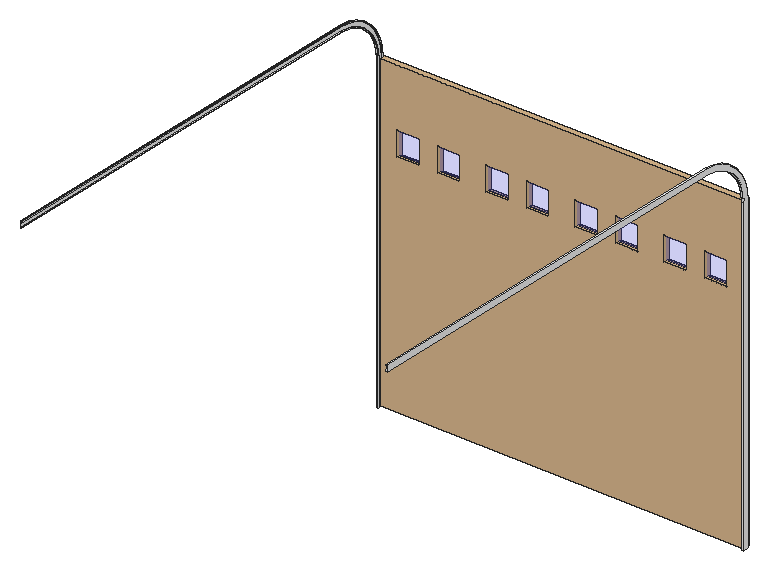
Revit family
Parameters (values of type "7Ft H x 8Ft W")
  Track Width = Width + 0' 2"  # 8' - 2"
  Track Height = Height + 1' 0"  # 8' - 0"
  Track Depth = 10' - 0"
  Track = Metal
  SmartBIM Object Version = 1  # constant formula
  SmartBIM Object Created By = "Reed Construction Data"  # constant formula
  Panel Thickness = 0' - 1 1/2"
  Manufacturer = ""
  Height = 7' - 0"
  Wall Closure = (empty or 0)
  Width = 8' - 0"
  Door Glass = Glass
  Door = Wood
  95 CSI = "08360"  # constant formula
  04 CSI = "08 36 13"  # constant formula
Reference planes (in)
  plane 1 "Center (Front/Back)": y = 0
  plane 2 "Center (Left/Right)": x = 0
  plane 3 "Left": x = -48
  plane 4 "Right": x = 48
  plane 5 "Top": z = 84
  plane 6: x = -49
  plane 7: x = 49
  plane 8: y = -3.25
  plane 9: z = 59.75
  plane 10: z = 15.75
  plane 11: x = 24
  plane 12: x = -24
  plane 13: y = -2.5
  plane 14: y = -2.5
  plane 15 "Ext": y = -3.25
  plane 16: y = -2.5
  plane 17 "Int": y = -1.75
  plane 18: x = -36
  plane 19: x = -12
  plane 20: x = 12
  plane 21: x = 36
  plane 22: z = 73.75
  plane 23: z = 70.25
  plane 24: z = 5.25
  plane 25: z = 26.25
  plane 26: z = 36.75
  plane 27: z = 47.25
  plane 28: z = 57.75
  plane 29: z = 10.5
  plane 30: z = 15.75
  plane 31: z = 52.5
  plane 32: z = 72.25
  plane 33: z = 0
  plane 34: z = 42
  plane 35: z = 21
  plane 36: z = 31.5
  plane 37: z = 82
  plane 38: z = 81
  plane 39: z = 73.25
Forms (in)
  Extrusion 1, solid, material "Wood" <- "Door"
    sketch origin (0, 0, 0) x (1, 0, 0) y (0, 0, 1)
      loop
        line (-49, 84) -> (-49, 0) -> (49, 0) -> (49, 84) -> (-49, 84)
      loop
        line (44.5, 68.25) -> (38.5, 68.25) -> (38.5, 61.75) -> (44.5, 61.75) -> (44.5, 68.25)
      loop
        line (33.5, 68.25) -> (27.5, 68.25) -> (27.5, 61.75) -> (33.5, 61.75) -> (33.5, 68.25)
      loop
        line (20.5, 68.25) -> (14.5, 68.25) -> (14.5, 61.75) -> (20.5, 61.75) -> (20.5, 68.25)
      loop
        line (9.5, 68.25) -> (3.5, 68.25) -> (3.5, 61.75) -> (9.5, 61.75) -> (9.5, 68.25)
      loop
        line (-3.5, 68.25) -> (-9.5, 68.25) -> (-9.5, 61.75) -> (-3.5, 61.75) -> (-3.5, 68.25)
      loop
        line (-14.5, 68.25) -> (-20.5, 68.25) -> (-20.5, 61.75) -> (-14.5, 61.75) -> (-14.5, 68.25)
      loop
        line (-27.5, 68.25) -> (-33.5, 68.25) -> (-33.5, 61.75) -> (-27.5, 61.75) -> (-27.5, 68.25)
      loop
        line (-38.5, 68.25) -> (-44.5, 68.25) -> (-44.5, 61.75) -> (-38.5, 61.75) -> (-38.5, 68.25)
    from 1.75 to 3.25
  Extrusion 2, solid, material "Glass" <- "Door Glass"
    sketch origin (0, 0, 0) x (1, 0, 0) y (0, 0, 1)
      loop
        line (44.5, 68.25) -> (38.5, 68.25) -> (38.5, 61.75) -> (44.5, 61.75) -> (44.5, 68.25)
      loop
        line (33.5, 68.25) -> (27.5, 68.25) -> (27.5, 61.75) -> (33.5, 61.75) -> (33.5, 68.25)
      loop
        line (20.5, 68.25) -> (14.5, 68.25) -> (14.5, 61.75) -> (20.5, 61.75) -> (20.5, 68.25)
      loop
        line (9.5, 68.25) -> (3.5, 68.25) -> (3.5, 61.75) -> (9.5, 61.75) -> (9.5, 68.25)
      loop
        line (-3.5, 68.25) -> (-9.5, 68.25) -> (-9.5, 61.75) -> (-3.5, 61.75) -> (-3.5, 68.25)
      loop
        line (-14.5, 68.25) -> (-20.5, 68.25) -> (-20.5, 61.75) -> (-14.5, 61.75) -> (-14.5, 68.25)
      loop
        line (-27.5, 68.25) -> (-33.5, 68.25) -> (-33.5, 61.75) -> (-27.5, 61.75) -> (-27.5, 68.25)
      loop
        line (-38.5, 68.25) -> (-44.5, 68.25) -> (-44.5, 61.75) -> (-38.5, 61.75) -> (-38.5, 68.25)
    from 2.375 to 2.625
Lines and regions (in)
  Opening 1
    outline origin (-90, -1.75, 0) x (1, 0, 0) y (0, 0, 1)
      loop
        line (42, 0) -> (138, 0) -> (138, 84) -> (42, 84) -> (42, 0)
  model lines
    curve 1: line (25.5, -1.75, 57.75) -> (25.5, -1.75, 47.25)
    curve 2: line (25.5, -1.75, 47.25) -> (46.5, -1.75, 47.25)
    curve 3: line (46.5, -1.75, 47.25) -> (46.5, -1.75, 57.75)
    curve 4: line (46.5, -1.75, 57.75) -> (25.5, -1.75, 57.75)
    curve 5: line (45, -1.75, 56.25) -> (27, -1.75, 56.25)
    curve 6: line (27, -1.75, 56.25) -> (27, -1.75, 48.75)
    curve 7: line (27, -1.75, 48.75) -> (45, -1.75, 48.75)
    curve 8: line (45, -1.75, 48.75) -> (45, -1.75, 56.25)
    curve 9: line (1.5, -1.75, 57.75) -> (1.5, -1.75, 47.25)
    curve 10: line (1.5, -1.75, 47.25) -> (22.5, -1.75, 47.25)
    curve 11: line (22.5, -1.75, 47.25) -> (22.5, -1.75, 57.75)
    curve 12: line (22.5, -1.75, 57.75) -> (1.5, -1.75, 57.75)
    curve 13: line (21, -1.75, 56.25) -> (3, -1.75, 56.25)
    curve 14: line (3, -1.75, 56.25) -> (3, -1.75, 48.75)
    curve 15: line (3, -1.75, 48.75) -> (21, -1.75, 48.75)
    curve 16: line (21, -1.75, 48.75) -> (21, -1.75, 56.25)
    curve 17: line (-1.5, -1.75, 57.75) -> (-1.5, -1.75, 47.25)
    curve 18: line (-1.5, -1.75, 47.25) -> (-22.5, -1.75, 47.25)
    curve 19: line (-22.5, -1.75, 47.25) -> (-22.5, -1.75, 57.75)
    curve 20: line (-22.5, -1.75, 57.75) -> (-1.5, -1.75, 57.75)
    curve 21: line (-21, -1.75, 56.25) -> (-3, -1.75, 56.25)
    curve 22: line (-3, -1.75, 56.25) -> (-3, -1.75, 48.75)
    curve 23: line (-3, -1.75, 48.75) -> (-21, -1.75, 48.75)
    curve 24: line (-21, -1.75, 48.75) -> (-21, -1.75, 56.25)
    curve 25: line (-46.5, -1.75, 57.75) -> (-46.5, -1.75, 47.25)
    curve 26: line (-46.5, -1.75, 47.25) -> (-25.5, -1.75, 47.25)
    curve 27: line (-25.5, -1.75, 47.25) -> (-25.5, -1.75, 57.75)
    curve 28: line (-25.5, -1.75, 57.75) -> (-46.5, -1.75, 57.75)
    curve 29: line (-27, -1.75, 56.25) -> (-45, -1.75, 56.25)
    curve 30: line (-45, -1.75, 56.25) -> (-45, -1.75, 48.75)
    curve 31: line (-45, -1.75, 48.75) -> (-27, -1.75, 48.75)
    curve 32: line (-27, -1.75, 48.75) -> (-27, -1.75, 56.25)
    curve 33: line (-46.5, -1.75, 36.75) -> (-46.5, -1.75, 26.25)
    curve 34: line (-46.5, -1.75, 26.25) -> (-25.5, -1.75, 26.25)
    curve 35: line (-25.5, -1.75, 26.25) -> (-25.5, -1.75, 36.75)
    curve 36: line (-25.5, -1.75, 36.75) -> (-46.5, -1.75, 36.75)
    curve 37: line (-27, -1.75, 35.25) -> (-45, -1.75, 35.25)
    curve 38: line (-45, -1.75, 35.25) -> (-45, -1.75, 27.75)
    curve 39: line (-45, -1.75, 27.75) -> (-27, -1.75, 27.75)
    curve 40: line (-27, -1.75, 27.75) -> (-27, -1.75, 35.25)
    curve 41: line (-22.5, -1.75, 36.75) -> (-22.5, -1.75, 26.25)
    curve 42: line (-22.5, -1.75, 26.25) -> (-1.5, -1.75, 26.25)
    curve 43: line (-1.5, -1.75, 26.25) -> (-1.5, -1.75, 36.75)
    curve 44: line (-1.5, -1.75, 36.75) -> (-22.5, -1.75, 36.75)
    curve 45: line (-3, -1.75, 35.25) -> (-21, -1.75, 35.25)
    curve 46: line (-21, -1.75, 35.25) -> (-21, -1.75, 27.75)
    curve 47: line (-21, -1.75, 27.75) -> (-3, -1.75, 27.75)
    curve 48: line (-3, -1.75, 27.75) -> (-3, -1.75, 35.25)
    curve 49: line (22.5, -1.75, 36.75) -> (22.5, -1.75, 26.25)
    curve 50: line (22.5, -1.75, 26.25) -> (1.5, -1.75, 26.25)
    curve 51: line (1.5, -1.75, 26.25) -> (1.5, -1.75, 36.75)
    curve 52: line (1.5, -1.75, 36.75) -> (22.5, -1.75, 36.75)
    curve 53: line (3, -1.75, 35.25) -> (21, -1.75, 35.25)
    curve 54: line (21, -1.75, 35.25) -> (21, -1.75, 27.75)
    curve 55: line (21, -1.75, 27.75) -> (3, -1.75, 27.75)
    curve 56: line (3, -1.75, 27.75) -> (3, -1.75, 35.25)
    curve 57: line (25.5, -1.75, 36.75) -> (25.5, -1.75, 26.25)
    curve 58: line (25.5, -1.75, 26.25) -> (46.5, -1.75, 26.25)
    curve 59: line (46.5, -1.75, 26.25) -> (46.5, -1.75, 36.75)
    curve 60: line (46.5, -1.75, 36.75) -> (25.5, -1.75, 36.75)
    curve 61: line (45, -1.75, 35.25) -> (27, -1.75, 35.25)
    curve 62: line (27, -1.75, 35.25) -> (27, -1.75, 27.75)
    curve 63: line (27, -1.75, 27.75) -> (45, -1.75, 27.75)
    curve 64: line (45, -1.75, 27.75) -> (45, -1.75, 35.25)
    curve 65: line (-46.5, -1.75, 5.25) -> (-46.5, -1.75, 15.75)
    curve 66: line (-46.5, -1.75, 15.75) -> (-25.5, -1.75, 15.75)
    curve 67: line (-25.5, -1.75, 15.75) -> (-25.5, -1.75, 5.25)
    curve 68: line (-25.5, -1.75, 5.25) -> (-46.5, -1.75, 5.25)
    curve 69: line (-27, -1.75, 6.75) -> (-45, -1.75, 6.75)
    curve 70: line (-45, -1.75, 6.75) -> (-45, -1.75, 14.25)
    curve 71: line (-45, -1.75, 14.25) -> (-27, -1.75, 14.25)
    curve 72: line (-27, -1.75, 14.25) -> (-27, -1.75, 6.75)
    curve 73: line (-1.5, -1.75, 5.25) -> (-1.5, -1.75, 15.75)
    curve 74: line (-1.5, -1.75, 15.75) -> (-22.5, -1.75, 15.75)
    curve 75: line (-22.5, -1.75, 15.75) -> (-22.5, -1.75, 5.25)
    curve 76: line (-22.5, -1.75, 5.25) -> (-1.5, -1.75, 5.25)
    curve 77: line (-21, -1.75, 6.75) -> (-3, -1.75, 6.75)
    curve 78: line (-3, -1.75, 6.75) -> (-3, -1.75, 14.25)
    curve 79: line (-3, -1.75, 14.25) -> (-21, -1.75, 14.25)
    curve 80: line (-21, -1.75, 14.25) -> (-21, -1.75, 6.75)
    curve 81: line (1.5, -1.75, 5.25) -> (1.5, -1.75, 15.75)
    curve 82: line (1.5, -1.75, 15.75) -> (22.5, -1.75, 15.75)
    curve 83: line (22.5, -1.75, 15.75) -> (22.5, -1.75, 5.25)
    curve 84: line (22.5, -1.75, 5.25) -> (1.5, -1.75, 5.25)
    curve 85: line (21, -1.75, 6.75) -> (3, -1.75, 6.75)
    curve 86: line (3, -1.75, 6.75) -> (3, -1.75, 14.25)
    curve 87: line (3, -1.75, 14.25) -> (21, -1.75, 14.25)
    curve 88: line (21, -1.75, 14.25) -> (21, -1.75, 6.75)
    curve 89: line (46.5, -1.75, 5.25) -> (46.5, -1.75, 15.75)
    curve 90: line (46.5, -1.75, 15.75) -> (25.5, -1.75, 15.75)
    curve 91: line (25.5, -1.75, 15.75) -> (25.5, -1.75, 5.25)
    curve 92: line (25.5, -1.75, 5.25) -> (46.5, -1.75, 5.25)
    curve 93: line (27, -1.75, 6.75) -> (45, -1.75, 6.75)
    curve 94: line (45, -1.75, 6.75) -> (45, -1.75, 14.25)
    curve 95: line (45, -1.75, 14.25) -> (27, -1.75, 14.25)
    curve 96: line (27, -1.75, 14.25) -> (27, -1.75, 6.75)
    curve 97: line (3, -1.75, 56.25) -> (1.5, -1.75, 57.75)
    curve 98: line (3, -1.75, 48.75) -> (1.5, -1.75, 47.25)
    curve 99: line (21, -1.75, 56.25) -> (22.5, -1.75, 57.75)
    curve 100: line (21, -1.75, 48.75) -> (22.5, -1.75, 47.25)
    curve 101: line (45, -1.75, 56.25) -> (46.5, -1.75, 57.75)
    curve 102: line (45, -1.75, 48.75) -> (46.5, -1.75, 47.25)
    curve 103: line (27, -1.75, 56.25) -> (25.5, -1.75, 57.75)
    curve 104: line (27, -1.75, 48.75) -> (25.5, -1.75, 47.25)
    curve 105: line (45, -1.75, 27.75) -> (46.5, -1.75, 26.25)
    curve 106: line (45, -1.75, 35.25) -> (46.5, -1.75, 36.75)
    curve 107: line (27, -1.75, 27.75) -> (25.5, -1.75, 26.25)
    curve 108: line (27, -1.75, 35.25) -> (25.5, -1.75, 36.75)
    curve 109: line (45, -1.75, 14.25) -> (46.5, -1.75, 15.75)
    curve 110: line (45, -1.75, 6.75) -> (46.5, -1.75, 5.25)
    curve 111: line (27, -1.75, 14.25) -> (25.5, -1.75, 15.75)
    curve 112: line (27, -1.75, 6.75) -> (25.5, -1.75, 5.25)
    curve 113: line (3, -1.75, 14.25) -> (1.5, -1.75, 15.75)
    curve 114: line (3, -1.75, 6.75) -> (1.5, -1.75, 5.25)
    curve 115: line (21, -1.75, 14.25) -> (22.5, -1.75, 15.75)
    curve 116: line (21, -1.75, 6.75) -> (22.5, -1.75, 5.25)
    curve 117: line (-3, -1.75, 14.25) -> (-1.5, -1.75, 15.75)
    curve 118: line (-3, -1.75, 6.75) -> (-1.5, -1.75, 5.25)
    curve 119: line (-21, -1.75, 14.25) -> (-22.5, -1.75, 15.75)
    curve 120: line (-21, -1.75, 6.75) -> (-22.5, -1.75, 5.25)
    curve 121: line (-45, -1.75, 14.25) -> (-46.5, -1.75, 15.75)
    curve 122: line (-45, -1.75, 6.75) -> (-46.5, -1.75, 5.25)
    curve 123: line (-27, -1.75, 14.25) -> (-25.5, -1.75, 15.75)
    curve 124: line (-27, -1.75, 6.75) -> (-25.5, -1.75, 5.25)
    curve 125: line (-45, -1.75, 27.75) -> (-46.5, -1.75, 26.25)
    curve 126: line (-45, -1.75, 35.25) -> (-46.5, -1.75, 36.75)
    curve 127: line (-27, -1.75, 27.75) -> (-25.5, -1.75, 26.25)
    curve 128: line (-27, -1.75, 35.25) -> (-25.5, -1.75, 36.75)
    curve 129: line (-3, -1.75, 27.75) -> (-1.5, -1.75, 26.25)
    curve 130: line (-3, -1.75, 35.25) -> (-1.5, -1.75, 36.75)
    curve 131: line (-21, -1.75, 27.75) -> (-22.5, -1.75, 26.25)
    curve 132: line (-21, -1.75, 35.25) -> (-22.5, -1.75, 36.75)
    curve 133: line (3, -1.75, 27.75) -> (1.5, -1.75, 26.25)
    curve 134: line (3, -1.75, 35.25) -> (1.5, -1.75, 36.75)
    curve 135: line (21, -1.75, 27.75) -> (22.5, -1.75, 26.25)
    curve 136: line (21, -1.75, 35.25) -> (22.5, -1.75, 36.75)
    curve 137: line (-3, -1.75, 56.25) -> (-1.5, -1.75, 57.75)
    curve 138: line (-3, -1.75, 48.75) -> (-1.5, -1.75, 47.25)
    curve 139: line (-21, -1.75, 56.25) -> (-22.5, -1.75, 57.75)
    curve 140: line (-21, -1.75, 48.75) -> (-22.5, -1.75, 47.25)
    curve 141: line (-45, -1.75, 56.25) -> (-46.5, -1.75, 57.75)
    curve 142: line (-45, -1.75, 48.75) -> (-46.5, -1.75, 47.25)
    curve 143: line (-27, -1.75, 56.25) -> (-25.5, -1.75, 57.75)
    curve 144: line (-27, -1.75, 48.75) -> (-25.5, -1.75, 47.25)
    curve 145: line (45, -3.25, 56.25) -> (27, -3.25, 56.25)
    curve 146: line (27, -3.25, 56.25) -> (27, -3.25, 48.75)
    curve 147: line (27, -3.25, 48.75) -> (45, -3.25, 48.75)
    curve 148: line (45, -3.25, 48.75) -> (45, -3.25, 56.25)
    curve 149: line (21, -3.25, 56.25) -> (3, -3.25, 56.25)
    curve 150: line (3, -3.25, 56.25) -> (3, -3.25, 48.75)
    curve 151: line (3, -3.25, 48.75) -> (21, -3.25, 48.75)
    curve 152: line (21, -3.25, 48.75) -> (21, -3.25, 56.25)
    curve 153: line (-21, -3.25, 56.25) -> (-3, -3.25, 56.25)
    curve 154: line (-3, -3.25, 56.25) -> (-3, -3.25, 48.75)
    curve 155: line (-3, -3.25, 48.75) -> (-21, -3.25, 48.75)
    curve 156: line (-21, -3.25, 48.75) -> (-21, -3.25, 56.25)
    curve 157: line (-27, -3.25, 56.25) -> (-45, -3.25, 56.25)
    curve 158: line (-45, -3.25, 56.25) -> (-45, -3.25, 48.75)
    curve 159: line (-45, -3.25, 48.75) -> (-27, -3.25, 48.75)
    curve 160: line (-27, -3.25, 48.75) -> (-27, -3.25, 56.25)
    curve 161: line (-27, -3.25, 35.25) -> (-45, -3.25, 35.25)
    curve 162: line (-45, -3.25, 35.25) -> (-45, -3.25, 27.75)
    curve 163: line (-45, -3.25, 27.75) -> (-27, -3.25, 27.75)
    curve 164: line (-27, -3.25, 27.75) -> (-27, -3.25, 35.25)
    curve 165: line (-3, -3.25, 35.25) -> (-21, -3.25, 35.25)
    curve 166: line (-21, -3.25, 35.25) -> (-21, -3.25, 27.75)
    curve 167: line (-21, -3.25, 27.75) -> (-3, -3.25, 27.75)
    curve 168: line (-3, -3.25, 27.75) -> (-3, -3.25, 35.25)
    curve 169: line (3, -3.25, 35.25) -> (21, -3.25, 35.25)
    curve 170: line (21, -3.25, 35.25) -> (21, -3.25, 27.75)
    curve 171: line (21, -3.25, 27.75) -> (3, -3.25, 27.75)
    curve 172: line (3, -3.25, 27.75) -> (3, -3.25, 35.25)
    curve 173: line (45, -3.25, 35.25) -> (27, -3.25, 35.25)
    curve 174: line (27, -3.25, 35.25) -> (27, -3.25, 27.75)
    curve 175: line (27, -3.25, 27.75) -> (45, -3.25, 27.75)
    curve 176: line (45, -3.25, 27.75) -> (45, -3.25, 35.25)
    curve 177: line (45, -3.25, 14.25) -> (27, -3.25, 14.25)
    curve 178: line (27, -3.25, 14.25) -> (27, -3.25, 6.75)
    curve 179: line (27, -3.25, 6.75) -> (45, -3.25, 6.75)
    curve 180: line (45, -3.25, 6.75) -> (45, -3.25, 14.25)
    curve 181: line (3, -3.25, 14.25) -> (21, -3.25, 14.25)
    curve 182: line (21, -3.25, 14.25) -> (21, -3.25, 6.75)
    curve 183: line (21, -3.25, 6.75) -> (3, -3.25, 6.75)
    curve 184: line (3, -3.25, 6.75) -> (3, -3.25, 14.25)
    curve 185: line (-3, -3.25, 14.25) -> (-21, -3.25, 14.25)
    curve 186: line (-21, -3.25, 14.25) -> (-21, -3.25, 6.75)
    curve 187: line (-21, -3.25, 6.75) -> (-3, -3.25, 6.75)
    curve 188: line (-3, -3.25, 6.75) -> (-3, -3.25, 14.25)
    curve 189: line (-45, -3.25, 14.25) -> (-27, -3.25, 14.25)
    curve 190: line (-27, -3.25, 14.25) -> (-27, -3.25, 6.75)
    curve 191: line (-27, -3.25, 6.75) -> (-45, -3.25, 6.75)
    curve 192: line (-45, -3.25, 6.75) -> (-45, -3.25, 14.25)
    curve 193: line (46.5, -3.25, 47.25) -> (46.5, -3.25, 57.75)
    curve 194: line (46.5, -3.25, 57.75) -> (25.5, -3.25, 57.75)
    curve 195: line (25.5, -3.25, 57.75) -> (25.5, -3.25, 47.25)
    curve 196: line (25.5, -3.25, 47.25) -> (46.5, -3.25, 47.25)
    curve 197: line (22.5, -3.25, 57.75) -> (1.5, -3.25, 57.75)
    curve 198: line (1.5, -3.25, 57.75) -> (1.5, -3.25, 47.25)
    curve 199: line (1.5, -3.25, 47.25) -> (22.5, -3.25, 47.25)
    curve 200: line (22.5, -3.25, 47.25) -> (22.5, -3.25, 57.75)
    curve 201: line (-1.5, -3.25, 47.25) -> (-22.5, -3.25, 47.25)
    curve 202: line (-22.5, -3.25, 47.25) -> (-22.5, -3.25, 57.75)
    curve 203: line (-22.5, -3.25, 57.75) -> (-1.5, -3.25, 57.75)
    curve 204: line (-1.5, -3.25, 57.75) -> (-1.5, -3.25, 47.25)
    curve 205: line (-46.5, -3.25, 57.75) -> (-46.5, -3.25, 47.25)
    curve 206: line (-46.5, -3.25, 47.25) -> (-25.5, -3.25, 47.25)
    curve 207: line (-25.5, -3.25, 47.25) -> (-25.5, -3.25, 57.75)
    curve 208: line (-25.5, -3.25, 57.75) -> (-46.5, -3.25, 57.75)
    curve 209: line (-46.5, -3.25, 36.75) -> (-46.5, -3.25, 26.25)
    curve 210: line (-46.5, -3.25, 26.25) -> (-25.5, -3.25, 26.25)
    curve 211: line (-25.5, -3.25, 26.25) -> (-25.5, -3.25, 36.75)
    curve 212: line (-25.5, -3.25, 36.75) -> (-46.5, -3.25, 36.75)
    curve 213: line (-1.5, -3.25, 36.75) -> (-22.5, -3.25, 36.75)
    curve 214: line (-22.5, -3.25, 36.75) -> (-22.5, -3.25, 26.25)
    curve 215: line (-22.5, -3.25, 26.25) -> (-1.5, -3.25, 26.25)
    curve 216: line (-1.5, -3.25, 26.25) -> (-1.5, -3.25, 36.75)
    curve 217: line (1.5, -3.25, 26.25) -> (1.5, -3.25, 36.75)
    curve 218: line (1.5, -3.25, 36.75) -> (22.5, -3.25, 36.75)
    curve 219: line (22.5, -3.25, 36.75) -> (22.5, -3.25, 26.25)
    curve 220: line (22.5, -3.25, 26.25) -> (1.5, -3.25, 26.25)
    curve 221: line (25.5, -3.25, 36.75) -> (25.5, -3.25, 26.25)
    curve 222: line (25.5, -3.25, 26.25) -> (46.5, -3.25, 26.25)
    curve 223: line (46.5, -3.25, 26.25) -> (46.5, -3.25, 36.75)
    curve 224: line (46.5, -3.25, 36.75) -> (25.5, -3.25, 36.75)
    curve 225: line (46.5, -3.25, 5.25) -> (46.5, -3.25, 15.75)
    curve 226: line (46.5, -3.25, 15.75) -> (25.5, -3.25, 15.75)
    curve 227: line (25.5, -3.25, 15.75) -> (25.5, -3.25, 5.25)
    curve 228: line (25.5, -3.25, 5.25) -> (46.5, -3.25, 5.25)
    curve 229: line (22.5, -3.25, 15.75) -> (22.5, -3.25, 5.25)
    curve 230: line (22.5, -3.25, 5.25) -> (1.5, -3.25, 5.25)
    curve 231: line (1.5, -3.25, 5.25) -> (1.5, -3.25, 15.75)
    curve 232: line (1.5, -3.25, 15.75) -> (22.5, -3.25, 15.75)
    curve 233: line (-1.5, -3.25, 5.25) -> (-1.5, -3.25, 15.75)
    curve 234: line (-1.5, -3.25, 15.75) -> (-22.5, -3.25, 15.75)
    curve 235: line (-22.5, -3.25, 15.75) -> (-22.5, -3.25, 5.25)
    curve 236: line (-22.5, -3.25, 5.25) -> (-1.5, -3.25, 5.25)
    curve 237: line (-46.5, -3.25, 15.75) -> (-25.5, -3.25, 15.75)
    curve 238: line (-25.5, -3.25, 15.75) -> (-25.5, -3.25, 5.25)
    curve 239: line (-25.5, -3.25, 5.25) -> (-46.5, -3.25, 5.25)
    curve 240: line (-46.5, -3.25, 5.25) -> (-46.5, -3.25, 15.75)
    curve 241: line (45, -3.25, 56.25) -> (46.5, -3.25, 57.75)
    curve 242: line (27, -3.25, 56.25) -> (25.5, -3.25, 57.75)
    curve 243: line (27, -3.25, 48.75) -> (25.5, -3.25, 47.25)
    curve 244: line (45, -3.25, 48.75) -> (46.5, -3.25, 47.25)
    curve 245: line (21, -3.25, 48.75) -> (22.5, -3.25, 47.25)
    curve 246: line (21, -3.25, 56.25) -> (22.5, -3.25, 57.75)
    curve 247: line (3, -3.25, 56.25) -> (1.5, -3.25, 57.75)
    curve 248: line (3, -3.25, 48.75) -> (1.5, -3.25, 47.25)
    curve 249: line (-3, -3.25, 56.25) -> (-1.5, -3.25, 57.75)
    curve 250: line (-3, -3.25, 48.75) -> (-1.5, -3.25, 47.25)
    curve 251: line (-21, -3.25, 48.75) -> (-22.5, -3.25, 47.25)
    curve 252: line (-21, -3.25, 56.25) -> (-22.5, -3.25, 57.75)
    curve 253: line (-27, -3.25, 56.25) -> (-25.5, -3.25, 57.75)
    curve 254: line (-27, -3.25, 48.75) -> (-25.5, -3.25, 47.25)
    curve 255: line (-45, -3.25, 56.25) -> (-46.5, -3.25, 57.75)
    curve 256: line (-45, -3.25, 48.75) -> (-46.5, -3.25, 47.25)
    curve 257: line (-45, -3.25, 35.25) -> (-46.5, -3.25, 36.75)
    curve 258: line (-45, -3.25, 27.75) -> (-46.5, -3.25, 26.25)
    curve 259: line (-27, -3.25, 27.75) -> (-25.5, -3.25, 26.25)
    curve 260: line (-27, -3.25, 35.25) -> (-25.5, -3.25, 36.75)
    curve 261: line (-21, -3.25, 35.25) -> (-22.5, -3.25, 36.75)
    curve 262: line (-21, -3.25, 27.75) -> (-22.5, -3.25, 26.25)
    curve 263: line (-3, -3.25, 35.25) -> (-1.5, -3.25, 36.75)
    curve 264: line (-3, -3.25, 27.75) -> (-1.5, -3.25, 26.25)
    curve 265: line (3, -3.25, 35.25) -> (1.5, -3.25, 36.75)
    curve 266: line (3, -3.25, 27.75) -> (1.5, -3.25, 26.25)
    curve 267: line (21, -3.25, 27.75) -> (22.5, -3.25, 26.25)
    curve 268: line (21, -3.25, 35.25) -> (22.5, -3.25, 36.75)
    curve 269: line (27, -3.25, 35.25) -> (25.5, -3.25, 36.75)
    curve 270: line (27, -3.25, 27.75) -> (25.5, -3.25, 26.25)
    curve 271: line (45, -3.25, 27.75) -> (46.5, -3.25, 26.25)
    curve 272: line (45, -3.25, 35.25) -> (46.5, -3.25, 36.75)
    curve 273: line (45, -3.25, 14.25) -> (46.5, -3.25, 15.75)
    curve 274: line (45, -3.25, 6.75) -> (46.5, -3.25, 5.25)
    curve 275: line (27, -3.25, 6.75) -> (25.5, -3.25, 5.25)
    curve 276: line (27, -3.25, 14.25) -> (25.5, -3.25, 15.75)
    curve 277: line (21, -3.25, 14.25) -> (22.5, -3.25, 15.75)
    curve 278: line (21, -3.25, 6.75) -> (22.5, -3.25, 5.25)
    curve 279: line (3, -3.25, 6.75) -> (1.5, -3.25, 5.25)
    curve 280: line (3, -3.25, 14.25) -> (1.5, -3.25, 15.75)
    curve 281: line (-3, -3.25, 14.25) -> (-1.5, -3.25, 15.75)
    curve 282: line (-3, -3.25, 6.75) -> (-1.5, -3.25, 5.25)
    curve 283: line (-21, -3.25, 14.25) -> (-22.5, -3.25, 15.75)
    curve 284: line (-21, -3.25, 6.75) -> (-22.5, -3.25, 5.25)
    curve 285: line (-27, -3.25, 14.25) -> (-25.5, -3.25, 15.75)
    curve 286: line (-27, -3.25, 6.75) -> (-25.5, -3.25, 5.25)
    curve 287: line (-45, -3.25, 14.25) -> (-46.5, -3.25, 15.75)
    curve 288: line (-45, -3.25, 6.75) -> (-46.5, -3.25, 5.25)
    curve 289: line (-112.67375, -1.75, 0) -> (112.32625, -1.75, 0)
    curve 290: line (25.5, -1.75, 70.25) -> (35.5, -1.75, 70.25)
    curve 291: line (25.5, -1.75, 59.75) -> (25.5, -1.75, 70.25)
    curve 292: line (46.5, -1.75, 59.75) -> (36.5, -1.75, 59.75)
    curve 293: line (46.5, -1.75, 70.25) -> (46.5, -1.75, 59.75)
    curve 294: line (46.5, -1.75, 70.25) -> (44.5, -1.75, 68.25)
    curve 295: line (27.5, -1.75, 68.25) -> (25.5, -1.75, 70.25)
    curve 296: line (27.5, -1.75, 61.75) -> (25.5, -1.75, 59.75)
    curve 297: line (44.5, -1.75, 61.75) -> (46.5, -1.75, 59.75)
    curve 298: line (38.5, -1.75, 68.25) -> (36.5, -1.75, 70.25)
    curve 299: line (38.5, -1.75, 61.75) -> (36.5, -1.75, 59.75)
    curve 300: line (33.5, -1.75, 61.75) -> (35.5, -1.75, 59.75)
    curve 301: line (33.5, -1.75, 68.25) -> (35.5, -1.75, 70.25)
    curve 302: line (35.5, -1.75, 59.75) -> (25.5, -1.75, 59.75)
    curve 303: line (36.5, -1.75, 70.25) -> (46.5, -1.75, 70.25)
    curve 304: line (36.5, -1.75, 70.25) -> (36.5, -1.75, 59.75)
    curve 305: line (35.5, -1.75, 59.75) -> (35.5, -1.75, 70.25)
    curve 306: line (22.5, -1.75, 70.25) -> (12.5, -1.75, 70.25)
    curve 307: line (22.5, -1.75, 59.75) -> (22.5, -1.75, 70.25)
    curve 308: line (1.5, -1.75, 59.75) -> (11.5, -1.75, 59.75)
    curve 309: line (1.5, -1.75, 70.25) -> (1.5, -1.75, 59.75)
    curve 310: line (1.5, -1.75, 70.25) -> (3.5, -1.75, 68.25)
    curve 311: line (20.5, -1.75, 68.25) -> (22.5, -1.75, 70.25)
    curve 312: line (20.5, -1.75, 61.75) -> (22.5, -1.75, 59.75)
    curve 313: line (3.5, -1.75, 61.75) -> (1.5, -1.75, 59.75)
    curve 314: line (9.5, -1.75, 68.25) -> (11.5, -1.75, 70.25)
    curve 315: line (9.5, -1.75, 61.75) -> (11.5, -1.75, 59.75)
    curve 316: line (14.5, -1.75, 61.75) -> (12.5, -1.75, 59.75)
    curve 317: line (14.5, -1.75, 68.25) -> (12.5, -1.75, 70.25)
    curve 318: line (12.5, -1.75, 59.75) -> (22.5, -1.75, 59.75)
    curve 319: line (11.5, -1.75, 70.25) -> (1.5, -1.75, 70.25)
    curve 320: line (11.5, -1.75, 70.25) -> (11.5, -1.75, 59.75)
    curve 321: line (12.5, -1.75, 59.75) -> (12.5, -1.75, 70.25)
    curve 322: line (-25.5, -1.75, 70.25) -> (-35.5, -1.75, 70.25)
    curve 323: line (-25.5, -1.75, 59.75) -> (-25.5, -1.75, 70.25)
    curve 324: line (-46.5, -1.75, 59.75) -> (-36.5, -1.75, 59.75)
    curve 325: line (-46.5, -1.75, 70.25) -> (-46.5, -1.75, 59.75)
    curve 326: line (-46.5, -1.75, 70.25) -> (-44.5, -1.75, 68.25)
    curve 327: line (-27.5, -1.75, 68.25) -> (-25.5, -1.75, 70.25)
    curve 328: line (-27.5, -1.75, 61.75) -> (-25.5, -1.75, 59.75)
    curve 329: line (-44.5, -1.75, 61.75) -> (-46.5, -1.75, 59.75)
    curve 330: line (-38.5, -1.75, 68.25) -> (-36.5, -1.75, 70.25)
    curve 331: line (-38.5, -1.75, 61.75) -> (-36.5, -1.75, 59.75)
    curve 332: line (-33.5, -1.75, 61.75) -> (-35.5, -1.75, 59.75)
    curve 333: line (-33.5, -1.75, 68.25) -> (-35.5, -1.75, 70.25)
    curve 334: line (-35.5, -1.75, 59.75) -> (-25.5, -1.75, 59.75)
    curve 335: line (-36.5, -1.75, 70.25) -> (-46.5, -1.75, 70.25)
    curve 336: line (-36.5, -1.75, 70.25) -> (-36.5, -1.75, 59.75)
    curve 337: line (-35.5, -1.75, 59.75) -> (-35.5, -1.75, 70.25)
    curve 338: line (-22.5, -1.75, 70.25) -> (-12.5, -1.75, 70.25)
    curve 339: line (-22.5, -1.75, 59.75) -> (-22.5, -1.75, 70.25)
    curve 340: line (-1.5, -1.75, 59.75) -> (-11.5, -1.75, 59.75)
    curve 341: line (-1.5, -1.75, 70.25) -> (-1.5, -1.75, 59.75)
    curve 342: line (-1.5, -1.75, 70.25) -> (-3.5, -1.75, 68.25)
    curve 343: line (-20.5, -1.75, 68.25) -> (-22.5, -1.75, 70.25)
    curve 344: line (-20.5, -1.75, 61.75) -> (-22.5, -1.75, 59.75)
    curve 345: line (-3.5, -1.75, 61.75) -> (-1.5, -1.75, 59.75)
    curve 346: line (-9.5, -1.75, 68.25) -> (-11.5, -1.75, 70.25)
    curve 347: line (-9.5, -1.75, 61.75) -> (-11.5, -1.75, 59.75)
    curve 348: line (-14.5, -1.75, 61.75) -> (-12.5, -1.75, 59.75)
    curve 349: line (-14.5, -1.75, 68.25) -> (-12.5, -1.75, 70.25)
    curve 350: line (-12.5, -1.75, 59.75) -> (-22.5, -1.75, 59.75)
    curve 351: line (-11.5, -1.75, 70.25) -> (-1.5, -1.75, 70.25)
    curve 352: line (-11.5, -1.75, 70.25) -> (-11.5, -1.75, 59.75)
    curve 353: line (-12.5, -1.75, 59.75) -> (-12.5, -1.75, 70.25)
    curve 354: line (-36.5, -3.25, 70.25) -> (-46.5, -3.25, 70.25)
    curve 355: line (-46.5, -3.25, 70.25) -> (-46.5, -3.25, 59.75)
    curve 356: line (-46.5, -3.25, 59.75) -> (-36.5, -3.25, 59.75)
    curve 357: line (-36.5, -3.25, 59.75) -> (-36.5, -3.25, 70.25)
    curve 358: line (-25.5, -3.25, 59.75) -> (-25.5, -3.25, 70.25)
    curve 359: line (-25.5, -3.25, 70.25) -> (-35.5, -3.25, 70.25)
    curve 360: line (-35.5, -3.25, 70.25) -> (-35.5, -3.25, 59.75)
    curve 361: line (-35.5, -3.25, 59.75) -> (-25.5, -3.25, 59.75)
    curve 362: line (-12.5, -3.25, 59.75) -> (-12.5, -3.25, 70.25)
    curve 363: line (-12.5, -3.25, 70.25) -> (-22.5, -3.25, 70.25)
    curve 364: line (-22.5, -3.25, 70.25) -> (-22.5, -3.25, 59.75)
    curve 365: line (-22.5, -3.25, 59.75) -> (-12.5, -3.25, 59.75)
    curve 366: line (-1.5, -3.25, 59.75) -> (-11.5, -3.25, 59.75)
    curve 367: line (-11.5, -3.25, 59.75) -> (-11.5, -3.25, 70.25)
    curve 368: line (-11.5, -3.25, 70.25) -> (-1.5, -3.25, 70.25)
    curve 369: line (-1.5, -3.25, 70.25) -> (-1.5, -3.25, 59.75)
    curve 370: line (11.5, -3.25, 70.25) -> (11.5, -3.25, 59.75)
    curve 371: line (11.5, -3.25, 59.75) -> (1.5, -3.25, 59.75)
    curve 372: line (1.5, -3.25, 59.75) -> (1.5, -3.25, 70.25)
    curve 373: line (1.5, -3.25, 70.25) -> (11.5, -3.25, 70.25)
    curve 374: line (22.5, -3.25, 59.75) -> (22.5, -3.25, 70.25)
    curve 375: line (22.5, -3.25, 70.25) -> (12.5, -3.25, 70.25)
    curve 376: line (12.5, -3.25, 70.25) -> (12.5, -3.25, 59.75)
    curve 377: line (12.5, -3.25, 59.75) -> (22.5, -3.25, 59.75)
    curve 378: line (35.5, -3.25, 59.75) -> (35.5, -3.25, 70.25)
    curve 379: line (35.5, -3.25, 70.25) -> (25.5, -3.25, 70.25)
    curve 380: line (25.5, -3.25, 70.25) -> (25.5, -3.25, 59.75)
    curve 381: line (25.5, -3.25, 59.75) -> (35.5, -3.25, 59.75)
    curve 382: line (36.5, -3.25, 70.25) -> (46.5, -3.25, 70.25)
    curve 383: line (46.5, -3.25, 70.25) -> (46.5, -3.25, 59.75)
    curve 384: line (46.5, -3.25, 59.75) -> (36.5, -3.25, 59.75)
    curve 385: line (36.5, -3.25, 59.75) -> (36.5, -3.25, 70.25)
    curve 386: line (38.5, -3.25, 68.25) -> (44.5, -3.25, 68.25)
    curve 387: line (44.5, -3.25, 68.25) -> (44.5, -3.25, 61.75)
    curve 388: line (44.5, -3.25, 61.75) -> (38.5, -3.25, 61.75)
    curve 389: line (38.5, -3.25, 61.75) -> (38.5, -3.25, 68.25)
    curve 390: line (27.5, -3.25, 68.25) -> (33.5, -3.25, 68.25)
    curve 391: line (33.5, -3.25, 68.25) -> (33.5, -3.25, 61.75)
    curve 392: line (33.5, -3.25, 61.75) -> (27.5, -3.25, 61.75)
    curve 393: line (27.5, -3.25, 61.75) -> (27.5, -3.25, 68.25)
    curve 394: line (14.5, -3.25, 68.25) -> (20.5, -3.25, 68.25)
    curve 395: line (20.5, -3.25, 68.25) -> (20.5, -3.25, 61.75)
    curve 396: line (20.5, -3.25, 61.75) -> (14.5, -3.25, 61.75)
    curve 397: line (14.5, -3.25, 61.75) -> (14.5, -3.25, 68.25)
    curve 398: line (3.5, -3.25, 68.25) -> (9.5, -3.25, 68.25)
    curve 399: line (9.5, -3.25, 68.25) -> (9.5, -3.25, 61.75)
    curve 400: line (9.5, -3.25, 61.75) -> (3.5, -3.25, 61.75)
    curve 401: line (3.5, -3.25, 61.75) -> (3.5, -3.25, 68.25)
    curve 402: line (-9.5, -3.25, 68.25) -> (-3.5, -3.25, 68.25)
    curve 403: line (-3.5, -3.25, 68.25) -> (-3.5, -3.25, 61.75)
    curve 404: line (-3.5, -3.25, 61.75) -> (-9.5, -3.25, 61.75)
    curve 405: line (-9.5, -3.25, 61.75) -> (-9.5, -3.25, 68.25)
    curve 406: line (-20.5, -3.25, 68.25) -> (-14.5, -3.25, 68.25)
    curve 407: line (-14.5, -3.25, 68.25) -> (-14.5, -3.25, 61.75)
    curve 408: line (-14.5, -3.25, 61.75) -> (-20.5, -3.25, 61.75)
    curve 409: line (-20.5, -3.25, 61.75) -> (-20.5, -3.25, 68.25)
    curve 410: line (-33.5, -3.25, 68.25) -> (-27.5, -3.25, 68.25)
    curve 411: line (-27.5, -3.25, 68.25) -> (-27.5, -3.25, 61.75)
    curve 412: line (-27.5, -3.25, 61.75) -> (-33.5, -3.25, 61.75)
    curve 413: line (-33.5, -3.25, 61.75) -> (-33.5, -3.25, 68.25)
    curve 414: line (-44.5, -3.25, 68.25) -> (-38.5, -3.25, 68.25)
    curve 415: line (-38.5, -3.25, 68.25) -> (-38.5, -3.25, 61.75)
    curve 416: line (-38.5, -3.25, 61.75) -> (-44.5, -3.25, 61.75)
    curve 417: line (-44.5, -3.25, 61.75) -> (-44.5, -3.25, 68.25)
    curve 418: line (-46.5, -3.25, 70.25) -> (-44.5, -3.25, 68.25)
    curve 419: line (-38.5, -3.25, 68.25) -> (-36.5, -3.25, 70.25)
    curve 420: line (-44.5, -3.25, 61.75) -> (-46.5, -3.25, 59.75)
    curve 421: line (-38.5, -3.25, 61.75) -> (-36.5, -3.25, 59.75)
    curve 422: line (-33.5, -3.25, 61.75) -> (-35.5, -3.25, 59.75)
    curve 423: line (-27.5, -3.25, 61.75) -> (-25.5, -3.25, 59.75)
    curve 424: line (-27.5, -3.25, 68.25) -> (-25.5, -3.25, 70.25)
    curve 425: line (-33.5, -3.25, 68.25) -> (-35.5, -3.25, 70.25)
    curve 426: line (-20.5, -3.25, 68.25) -> (-22.5, -3.25, 70.25)
    curve 427: line (-14.5, -3.25, 68.25) -> (-12.5, -3.25, 70.25)
    curve 428: line (-14.5, -3.25, 61.75) -> (-12.5, -3.25, 59.75)
    curve 429: line (-20.5, -3.25, 61.75) -> (-22.5, -3.25, 59.75)
    curve 430: line (-9.5, -3.25, 68.25) -> (-11.5, -3.25, 70.25)
    curve 431: line (-1.5, -3.25, 70.25) -> (-3.5, -3.25, 68.25)
    curve 432: line (-3.5, -3.25, 61.75) -> (-1.5, -3.25, 59.75)
    curve 433: line (-9.5, -3.25, 61.75) -> (-11.5, -3.25, 59.75)
    curve 434: line (1.5, -3.25, 70.25) -> (3.5, -3.25, 68.25)
    curve 435: line (3.5, -3.25, 61.75) -> (1.5, -3.25, 59.75)
    curve 436: line (9.5, -3.25, 61.75) -> (11.5, -3.25, 59.75)
    curve 437: line (9.5, -3.25, 68.25) -> (11.5, -3.25, 70.25)
    curve 438: line (14.5, -3.25, 68.25) -> (12.5, -3.25, 70.25)
    curve 439: line (14.5, -3.25, 61.75) -> (12.5, -3.25, 59.75)
    curve 440: line (20.5, -3.25, 61.75) -> (22.5, -3.25, 59.75)
    curve 441: line (20.5, -3.25, 68.25) -> (22.5, -3.25, 70.25)
    curve 442: line (27.5, -3.25, 68.25) -> (25.5, -3.25, 70.25)
    curve 443: line (27.5, -3.25, 61.75) -> (25.5, -3.25, 59.75)
    curve 444: line (33.5, -3.25, 68.25) -> (35.5, -3.25, 70.25)
    curve 445: line (33.5, -3.25, 61.75) -> (35.5, -3.25, 59.75)
    curve 446: line (38.5, -3.25, 61.75) -> (36.5, -3.25, 59.75)
    curve 447: line (38.5, -3.25, 68.25) -> (36.5, -3.25, 70.25)
    curve 448: line (44.5, -3.25, 61.75) -> (46.5, -3.25, 59.75)
    curve 449: line (46.5, -3.25, 70.25) -> (44.5, -3.25, 68.25)
    curve 450: line (46.5, -1.75, 72.25) -> (25.5, -1.75, 72.25)
    curve 451: line (46.5, -1.75, 82) -> (46.5, -1.75, 72.25)
    curve 452: line (25.5, -1.75, 82) -> (46.5, -1.75, 82)
    curve 453: line (25.5, -1.75, 72.25) -> (25.5, -1.75, 82)
    curve 454: line (22.5, -1.75, 82) -> (1.5, -1.75, 82)
    curve 455: line (22.5, -1.75, 72.25) -> (22.5, -1.75, 82)
    curve 456: line (1.5, -1.75, 72.25) -> (22.5, -1.75, 72.25)
    curve 457: line (1.5, -1.75, 82) -> (1.5, -1.75, 72.25)
    curve 458: line (-1.5, -1.75, 82) -> (-22.5, -1.75, 82)
    curve 459: line (-1.5, -1.75, 72.25) -> (-1.5, -1.75, 82)
    curve 460: line (-22.5, -1.75, 72.25) -> (-1.5, -1.75, 72.25)
    curve 461: line (-22.5, -1.75, 82) -> (-22.5, -1.75, 72.25)
    curve 462: line (-25.5, -1.75, 82) -> (-46.5, -1.75, 82)
    curve 463: line (-25.5, -1.75, 72.25) -> (-25.5, -1.75, 82)
    curve 464: line (-46.5, -1.75, 72.25) -> (-25.5, -1.75, 72.25)
    curve 465: line (-46.5, -1.75, 82) -> (-46.5, -1.75, 72.25)
    curve 466: line (45, -1.75, 81) -> (27, -1.75, 81)
    curve 467: line (27, -1.75, 81) -> (27, -1.75, 73.25)
    curve 468: line (27, -1.75, 73.25) -> (45, -1.75, 73.25)
    curve 469: line (45, -1.75, 73.25) -> (45, -1.75, 81)
    curve 470: line (21, -1.75, 81) -> (3, -1.75, 81)
    curve 471: line (3, -1.75, 81) -> (3, -1.75, 73.25)
    curve 472: line (3, -1.75, 73.25) -> (21, -1.75, 73.25)
    curve 473: line (21, -1.75, 73.25) -> (21, -1.75, 81)
    curve 474: line (-21, -1.75, 81) -> (-3, -1.75, 81)
    curve 475: line (-3, -1.75, 81) -> (-3, -1.75, 73.25)
    curve 476: line (-3, -1.75, 73.25) -> (-21, -1.75, 73.25)
    curve 477: line (-21, -1.75, 73.25) -> (-21, -1.75, 81)
    curve 478: line (-27, -1.75, 81) -> (-45, -1.75, 81)
    curve 479: line (-45, -1.75, 81) -> (-45, -1.75, 73.25)
    curve 480: line (-45, -1.75, 73.25) -> (-27, -1.75, 73.25)
    curve 481: line (-27, -1.75, 73.25) -> (-27, -1.75, 81)
    curve 482: line (3, -1.75, 73.25) -> (1.5, -1.75, 72.25)
    curve 483: line (21, -1.75, 73.25) -> (22.5, -1.75, 72.25)
    curve 484: line (45, -1.75, 73.25) -> (46.5, -1.75, 72.25)
    curve 485: line (27, -1.75, 73.25) -> (25.5, -1.75, 72.25)
    curve 486: line (-3, -1.75, 73.25) -> (-1.5, -1.75, 72.25)
    curve 487: line (-45, -1.75, 73.25) -> (-46.5, -1.75, 72.25)
    curve 488: line (-27, -1.75, 73.25) -> (-25.5, -1.75, 72.25)
    curve 489: line (-21, -1.75, 73.25) -> (-22.5, -1.75, 72.25)
    curve 490: line (-21, -1.75, 81) -> (-22.5, -1.75, 82)
    curve 491: line (-25.5, -1.75, 82) -> (-27, -1.75, 81)
    curve 492: line (-45, -1.75, 81) -> (-46.5, -1.75, 82)
    curve 493: line (-3, -1.75, 81) -> (-1.5, -1.75, 82)
    curve 494: line (3, -1.75, 81) -> (1.5, -1.75, 82)
    curve 495: line (21, -1.75, 81) -> (22.5, -1.75, 82)
    curve 496: line (27, -1.75, 81) -> (25.5, -1.75, 82)
    curve 497: line (45, -1.75, 81) -> (46.5, -1.75, 82)
    curve 498: line (-45, -3.25, 81) -> (-45, -3.25, 73.25)
    curve 499: line (-45, -3.25, 73.25) -> (-27, -3.25, 73.25)
    curve 500: line (-27, -3.25, 73.25) -> (-27, -3.25, 81)
    curve 501: line (-27, -3.25, 81) -> (-45, -3.25, 81)
    curve 502: line (-21, -3.25, 73.25) -> (-21, -3.25, 81)
    curve 503: line (-21, -3.25, 81) -> (-3, -3.25, 81)
    curve 504: line (-3, -3.25, 81) -> (-3, -3.25, 73.25)
    curve 505: line (-3, -3.25, 73.25) -> (-21, -3.25, 73.25)
    curve 506: line (21, -3.25, 81) -> (3, -3.25, 81)
    curve 507: line (3, -3.25, 81) -> (3, -3.25, 73.25)
    curve 508: line (3, -3.25, 73.25) -> (21, -3.25, 73.25)
    curve 509: line (21, -3.25, 73.25) -> (21, -3.25, 81)
    curve 510: line (45, -3.25, 81) -> (27, -3.25, 81)
    curve 511: line (27, -3.25, 81) -> (27, -3.25, 73.25)
    curve 512: line (27, -3.25, 73.25) -> (45, -3.25, 73.25)
    curve 513: line (45, -3.25, 73.25) -> (45, -3.25, 81)
    curve 514: line (-25.5, -3.25, 82) -> (-46.5, -3.25, 82)
    curve 515: line (-46.5, -3.25, 82) -> (-46.5, -3.25, 72.25)
    curve 516: line (-46.5, -3.25, 72.25) -> (-25.5, -3.25, 72.25)
    curve 517: line (-25.5, -3.25, 72.25) -> (-25.5, -3.25, 82)
    curve 518: line (-1.5, -3.25, 82) -> (-22.5, -3.25, 82)
    curve 519: line (-22.5, -3.25, 82) -> (-22.5, -3.25, 72.25)
    curve 520: line (-22.5, -3.25, 72.25) -> (-1.5, -3.25, 72.25)
    curve 521: line (-1.5, -3.25, 72.25) -> (-1.5, -3.25, 82)
    curve 522: line (22.5, -3.25, 72.25) -> (22.5, -3.25, 82)
    curve 523: line (22.5, -3.25, 82) -> (1.5, -3.25, 82)
    curve 524: line (1.5, -3.25, 82) -> (1.5, -3.25, 72.25)
    curve 525: line (1.5, -3.25, 72.25) -> (22.5, -3.25, 72.25)
    curve 526: line (25.5, -3.25, 82) -> (46.5, -3.25, 82)
    curve 527: line (46.5, -3.25, 82) -> (46.5, -3.25, 72.25)
    curve 528: line (46.5, -3.25, 72.25) -> (25.5, -3.25, 72.25)
    curve 529: line (25.5, -3.25, 72.25) -> (25.5, -3.25, 82)
    curve 530: line (-45, -3.25, 81) -> (-46.5, -3.25, 82)
    curve 531: line (-25.5, -3.25, 82) -> (-27, -3.25, 81)
    curve 532: line (-27, -3.25, 73.25) -> (-25.5, -3.25, 72.25)
    curve 533: line (-45, -3.25, 73.25) -> (-46.5, -3.25, 72.25)
    curve 534: line (-21, -3.25, 81) -> (-22.5, -3.25, 82)
    curve 535: line (-21, -3.25, 73.25) -> (-22.5, -3.25, 72.25)
    curve 536: line (-3, -3.25, 81) -> (-1.5, -3.25, 82)
    curve 537: line (-3, -3.25, 73.25) -> (-1.5, -3.25, 72.25)
    curve 538: line (3, -3.25, 73.25) -> (1.5, -3.25, 72.25)
    curve 539: line (3, -3.25, 81) -> (1.5, -3.25, 82)
    curve 540: line (21, -3.25, 81) -> (22.5, -3.25, 82)
    curve 541: line (21, -3.25, 73.25) -> (22.5, -3.25, 72.25)
    curve 542: line (27, -3.25, 73.25) -> (25.5, -3.25, 72.25)
    curve 543: line (27, -3.25, 81) -> (25.5, -3.25, 82)
    curve 544: line (45, -3.25, 81) -> (46.5, -3.25, 82)
    curve 545: line (45, -3.25, 73.25) -> (46.5, -3.25, 72.25)
Text (in)
  text "Exterior" at (-74.96733, 27.31104, 0), in view "Ref. Level"
  text "Interior" at (-76.69036, -30.31274, 0), in view "Ref. Level"
  text "Exterior" at (0, 40.15149, 123.01588), in view "Right"
  text "Interior" at (0, -64.39139, 123.01588), in view "Right"
  text "Interior" at (0, -31.01599, 123.00693), in view "Left"
  text "Exterior" at (0, 54.57065, 123.00693), in view "Left"
Dimensions and locks (in)
  equal spacing: plane 3 "Left", plane 2 "Center (Left/Right)", plane 4 "Right"
  "Width": plane 3 "Left" to plane 4 "Right"
  locked: plane 6 to plane 3 "Left" at 1
  locked: plane 4 "Right" to plane 7 at 1
  equal spacing: plane 2 "Center (Left/Right)", plane 11, plane 4 "Right"
  equal spacing: plane 2 "Center (Left/Right)", plane 12, plane 3 "Left"
  locked: Extrusion 2 to Extrusion 2 at 0.25  (x2)
  host wall to plane 13 to plane 8 = 0' - 0 3/4", 0' - 0 3/4"
  equal spacing: Extrusion 2, plane 14, Extrusion 2
  equal spacing: plane 15 "Ext", plane 16, plane 17 "Int"
  locked: curve 8 to curve 3 at 1.5
  locked: curve 6 to curve 1 at 1.5
  locked: curve 16 to curve 11 at 1.5
  locked: curve 14 to curve 9 at 1.5
  locked: curve 17 to curve 22 at 1.5
  locked: curve 32 to curve 27 at 1.5
  locked: curve 25 to curve 30 at 1.5
  "Panel Thickness": plane 17 "Int" to plane 15 "Ext"
  equal spacing: plane 11, plane 21, plane 4 "Right"
  equal spacing: plane 11, plane 20, plane 2 "Center (Left/Right)"
  equal spacing: plane 2 "Center (Left/Right)", plane 19, plane 12
  equal spacing: plane 3 "Left", plane 18, plane 12
  plane 22 to plane 9 = 1' - 2"
  Extrusion 1 to Extrusion 1 = 0' - 5"
  locked: Extrusion 1 to Extrusion 1 at 5  (x3)
  locked: curve 307 to plane 11 at 1.5
  locked: plane 11 to curve 291 at 1.5
  curve 307 to plane 11 = 0' - 1 1/2"
  locked: Extrusion 1 to curve 321 at 2
  locked: Extrusion 1 to curve 304 at 2
  locked: Extrusion 1 to curve 305 at 2
  Extrusion 1 to curve 307 = 0' - 2"
  locked: Extrusion 1 to curve 309 at 2
  curve 309 to plane 2 "Center (Left/Right)" = 0' - 1 1/2"
  locked: plane 2 "Center (Left/Right)" to curve 341 at 1.5
  curve 341 to Extrusion 1 = 0' - 2"
  locked: Extrusion 1 to curve 353 at 2
  locked: Extrusion 1 to curve 339 at 2
  plane 12 to curve 339 = 0' - 1 1/2"
  locked: Extrusion 1 to curve 323 at 2
  locked: Extrusion 1 to curve 337 at 2
  locked: Extrusion 1 to curve 336 at 2
  locked: Extrusion 1 to curve 325 at 2
  "Height": level to plane 5 "Top"
  equal spacing: level, plane 24, plane 29, plane 30, plane 35, plane 25, plane 36, plane 26, plane 34, plane 27, plane 31, plane 28
  locked: plane 9 to plane 23 at 10.5
  locked: plane 28 to plane 9 at 2
  locked: plane 37 to plane 5 "Top" at 2
  locked: plane 23 to plane 32 at 2
  locked: plane 23 to plane 5 "Top" at 13.75
  locked: plane 38 to plane 5 "Top" at 3
  locked: plane 32 to plane 39 at 1
  aligned and locked: plane 3 "Left" to Opening 1 sketch curve
  aligned and locked: plane 5 "Top" to Opening 1 sketch curve  (x2)
  aligned and locked: Opening 1 sketch curve to plane 4 "Right"
  aligned and locked: Opening 1 sketch curve to level
  aligned and locked: Extrusion 1 sketch curve to plane 6
  aligned and locked: Extrusion 1 sketch curve to plane 7
  aligned and locked: Extrusion 1 sketch curve to level
  aligned and locked: Extrusion 1 sketch curve to host wall
  aligned and locked: plane 13 to plane 14
  aligned and locked: host wall to plane 17 "Int"
  aligned and locked: plane 14 to plane 16
  aligned and locked: plane 15 "Ext" to Extrusion 1
  aligned and locked: Extrusion 1 to host wall
  aligned and locked: curve 74 to plane 10
  aligned and locked: plane 24 to curve 76
  aligned and locked: plane 10 to curve 82
  aligned and locked: curve 84 to plane 24
  aligned and locked: curve 90 to plane 10
  aligned and locked: plane 24 to curve 92
  aligned and locked: plane 26 to curve 60
  aligned and locked: plane 26 to curve 52
  aligned and locked: plane 26 to curve 44
  aligned and locked: curve 44 to curve 36
  aligned and locked: plane 25 to curve 58
  aligned and locked: curve 50 to plane 25
  aligned and locked: plane 25 to curve 42
  aligned and locked: plane 25 to curve 34
  aligned and locked: plane 27 to curve 2
  aligned and locked: curve 10 to curve 2
  aligned and locked: curve 18 to plane 27
  aligned and locked: plane 27 to curve 26
  aligned and locked: plane 28 to curve 28
  aligned and locked: plane 28 to curve 20
  aligned and locked: curve 12 to plane 28
  aligned and locked: curve 4 to plane 28
  aligned and locked: curve 145 to curve 5
  aligned and locked: curve 146 to curve 6
  aligned and locked: curve 147 to curve 7
  aligned and locked: curve 148 to curve 8
  aligned and locked: curve 149 to curve 13
  aligned and locked: curve 150 to curve 14
  aligned and locked: curve 151 to curve 15
  aligned and locked: curve 152 to curve 16
  aligned and locked: curve 153 to curve 21
  aligned and locked: curve 154 to curve 22
  aligned and locked: curve 155 to curve 23
  aligned and locked: curve 156 to curve 24
  aligned and locked: curve 157 to curve 29
  aligned and locked: curve 158 to curve 30
  aligned and locked: curve 159 to curve 31
  aligned and locked: curve 160 to curve 32
  aligned and locked: curve 161 to curve 37
  aligned and locked: curve 162 to curve 38
  aligned and locked: curve 163 to curve 39
  aligned and locked: curve 164 to curve 40
  aligned and locked: curve 165 to curve 45
  aligned and locked: curve 166 to curve 46
  aligned and locked: curve 167 to curve 47
  aligned and locked: curve 168 to curve 48
  aligned and locked: curve 169 to curve 53
  aligned and locked: curve 170 to curve 54
  aligned and locked: curve 171 to curve 55
  aligned and locked: curve 172 to curve 56
  aligned and locked: curve 173 to curve 61
  aligned and locked: curve 174 to curve 62
  aligned and locked: curve 175 to curve 63
  aligned and locked: curve 176 to curve 64
  aligned and locked: curve 177 to curve 95
  aligned and locked: curve 178 to curve 96
  aligned and locked: curve 179 to curve 93
  aligned and locked: curve 180 to curve 94
  aligned and locked: curve 181 to curve 87
  aligned and locked: curve 182 to curve 88
  aligned and locked: curve 183 to curve 85
  aligned and locked: curve 184 to curve 86
  aligned and locked: curve 185 to curve 79
  aligned and locked: curve 186 to curve 80
  aligned and locked: curve 187 to curve 77
  aligned and locked: curve 188 to curve 78
  aligned and locked: curve 189 to curve 71
  aligned and locked: curve 190 to curve 72
  aligned and locked: curve 191 to curve 69
  aligned and locked: curve 192 to curve 70
  aligned and locked: curve 193 to curve 3
  aligned and locked: curve 194 to curve 4
  aligned and locked: curve 195 to curve 1
  aligned and locked: curve 196 to curve 2
  aligned and locked: curve 197 to curve 12
  aligned and locked: curve 198 to curve 9
  aligned and locked: curve 199 to curve 10
  aligned and locked: curve 200 to curve 11
  aligned and locked: curve 201 to curve 18
  aligned and locked: curve 202 to curve 19
  aligned and locked: curve 203 to curve 20
  aligned and locked: curve 204 to curve 17
  aligned and locked: curve 205 to curve 25
  aligned and locked: curve 206 to curve 26
  aligned and locked: curve 207 to curve 27
  aligned and locked: curve 208 to curve 28
  aligned and locked: curve 209 to curve 33
  aligned and locked: curve 210 to curve 34
  aligned and locked: curve 211 to curve 35
  aligned and locked: curve 212 to curve 36
  aligned and locked: curve 213 to curve 44
  aligned and locked: curve 214 to curve 41
  aligned and locked: curve 215 to curve 42
  aligned and locked: curve 216 to curve 43
  aligned and locked: curve 217 to curve 51
  aligned and locked: curve 218 to curve 52
  aligned and locked: curve 219 to curve 49
  aligned and locked: curve 220 to curve 50
  aligned and locked: curve 221 to curve 57
  aligned and locked: curve 222 to curve 58
  aligned and locked: curve 223 to curve 59
  aligned and locked: curve 224 to curve 60
  aligned and locked: curve 225 to curve 89
  aligned and locked: curve 226 to curve 90
  aligned and locked: curve 227 to curve 91
  aligned and locked: curve 228 to curve 92
  aligned and locked: curve 229 to curve 83
  aligned and locked: curve 230 to curve 84
  aligned and locked: curve 231 to curve 81
  aligned and locked: curve 232 to curve 82
  aligned and locked: curve 233 to curve 73
  aligned and locked: curve 234 to curve 74
  aligned and locked: curve 235 to curve 75
  aligned and locked: curve 236 to curve 76
  aligned and locked: curve 237 to curve 66
  aligned and locked: curve 238 to curve 67
  aligned and locked: curve 239 to curve 68
  aligned and locked: curve 240 to curve 65
  aligned and locked: curve 241 to curve 101
  aligned and locked: curve 242 to curve 103
  aligned and locked: curve 243 to curve 104
  aligned and locked: curve 244 to curve 102
  aligned and locked: curve 245 to curve 100
  aligned and locked: curve 246 to curve 99
  aligned and locked: curve 247 to curve 97
  aligned and locked: curve 248 to curve 98
  aligned and locked: curve 249 to curve 137
  aligned and locked: curve 250 to curve 138
  aligned and locked: curve 251 to curve 140
  aligned and locked: curve 252 to curve 139
  aligned and locked: curve 253 to curve 143
  aligned and locked: curve 254 to curve 144
  aligned and locked: curve 255 to curve 141
  aligned and locked: curve 256 to curve 142
  aligned and locked: curve 257 to curve 126
  aligned and locked: curve 258 to curve 125
  aligned and locked: curve 259 to curve 127
  aligned and locked: curve 260 to curve 128
  aligned and locked: curve 261 to curve 132
  aligned and locked: curve 262 to curve 131
  aligned and locked: curve 263 to curve 130
  aligned and locked: curve 264 to curve 129
  aligned and locked: curve 265 to curve 134
  aligned and locked: curve 266 to curve 133
  aligned and locked: curve 267 to curve 135
  aligned and locked: curve 268 to curve 136
  aligned and locked: curve 269 to curve 108
  aligned and locked: curve 270 to curve 107
  aligned and locked: curve 271 to curve 105
  aligned and locked: curve 272 to curve 106
  aligned and locked: curve 273 to curve 109
  aligned and locked: curve 274 to curve 110
  aligned and locked: curve 275 to curve 112
  aligned and locked: curve 276 to curve 111
  aligned and locked: curve 277 to curve 115
  aligned and locked: curve 278 to curve 116
  aligned and locked: curve 279 to curve 114
  aligned and locked: curve 280 to curve 113
  aligned and locked: curve 281 to curve 117
  aligned and locked: curve 282 to curve 118
  aligned and locked: curve 283 to curve 119
  aligned and locked: curve 284 to curve 120
  aligned and locked: curve 285 to curve 123
  aligned and locked: curve 286 to curve 124
  aligned and locked: curve 287 to curve 121
  aligned and locked: curve 288 to curve 122
  aligned and locked: curve 289 to host wall
  aligned and locked: curve 290 to plane 23
  aligned and locked: plane 9 to curve 293
  aligned and locked: curve 293 to curve 3
  aligned and locked: curve 1 to curve 291
  aligned and locked: Extrusion 1 to curve 298
  aligned and locked: curve 299 to Extrusion 1
  aligned and locked: Extrusion 1 to curve 300
  aligned and locked: Extrusion 1 to curve 301
  aligned and locked: Extrusion 2 sketch curve to Extrusion 1  (x32)
  aligned and locked: curve 319 to plane 23
  aligned and locked: curve 306 to plane 23
  aligned and locked: plane 9 to curve 308
  aligned and locked: plane 9 to curve 318
  aligned and locked: curve 340 to plane 9
  aligned and locked: curve 350 to plane 9
  aligned and locked: plane 9 to curve 334
  aligned and locked: plane 9 to curve 324
  aligned and locked: curve 335 to plane 23
  aligned and locked: curve 322 to plane 23
  aligned and locked: plane 23 to curve 338
  aligned and locked: plane 23 to curve 351
  aligned and locked: Extrusion 1 to curve 346
  aligned and locked: Extrusion 1 to curve 316
  aligned and locked: curve 354 to curve 335
  aligned and locked: curve 355 to curve 325
  aligned and locked: curve 356 to curve 324
  aligned and locked: curve 357 to curve 336
  aligned and locked: curve 358 to curve 323
  aligned and locked: curve 359 to curve 322
  aligned and locked: curve 360 to curve 337
  aligned and locked: curve 361 to curve 334
  aligned and locked: curve 362 to curve 353
  aligned and locked: curve 363 to curve 338
  aligned and locked: curve 364 to curve 339
  aligned and locked: curve 365 to curve 350
  aligned and locked: curve 366 to curve 340
  aligned and locked: curve 367 to curve 352
  aligned and locked: curve 368 to curve 351
  aligned and locked: curve 369 to curve 341
  aligned and locked: curve 370 to curve 320
  aligned and locked: curve 371 to curve 308
  aligned and locked: curve 372 to curve 309
  aligned and locked: curve 373 to curve 319
  aligned and locked: curve 374 to curve 307
  aligned and locked: curve 375 to curve 306
  aligned and locked: curve 376 to curve 321
  aligned and locked: curve 377 to curve 318
  aligned and locked: curve 378 to curve 305
  aligned and locked: curve 379 to curve 290
  aligned and locked: curve 380 to curve 291
  aligned and locked: curve 381 to curve 302
  aligned and locked: curve 382 to curve 303
  aligned and locked: curve 383 to curve 293
  aligned and locked: curve 384 to curve 292
  aligned and locked: curve 385 to curve 304
  aligned and locked: curve 386 to Extrusion 1
  aligned and locked: curve 387 to Extrusion 1
  aligned and locked: curve 388 to Extrusion 1
  aligned and locked: curve 389 to Extrusion 1
  aligned and locked: curve 390 to Extrusion 1
  aligned and locked: curve 391 to Extrusion 1
  aligned and locked: curve 392 to Extrusion 1
  aligned and locked: curve 393 to Extrusion 1
  aligned and locked: curve 394 to Extrusion 1
  aligned and locked: curve 395 to Extrusion 1
  aligned and locked: curve 396 to Extrusion 1
  aligned and locked: curve 397 to Extrusion 1
  aligned and locked: curve 398 to Extrusion 1
  aligned and locked: curve 399 to Extrusion 1
  aligned and locked: curve 400 to Extrusion 1
  aligned and locked: curve 401 to Extrusion 1
  aligned and locked: curve 402 to Extrusion 1
  aligned and locked: curve 403 to Extrusion 1
  aligned and locked: curve 404 to Extrusion 1
  aligned and locked: curve 405 to Extrusion 1
  aligned and locked: curve 406 to Extrusion 1
  aligned and locked: curve 407 to Extrusion 1
  aligned and locked: curve 408 to Extrusion 1
  aligned and locked: curve 409 to Extrusion 1
  aligned and locked: curve 410 to Extrusion 1
  aligned and locked: curve 411 to Extrusion 1
  aligned and locked: curve 412 to Extrusion 1
  aligned and locked: curve 413 to Extrusion 1
  aligned and locked: curve 414 to Extrusion 1
  aligned and locked: curve 415 to Extrusion 1
